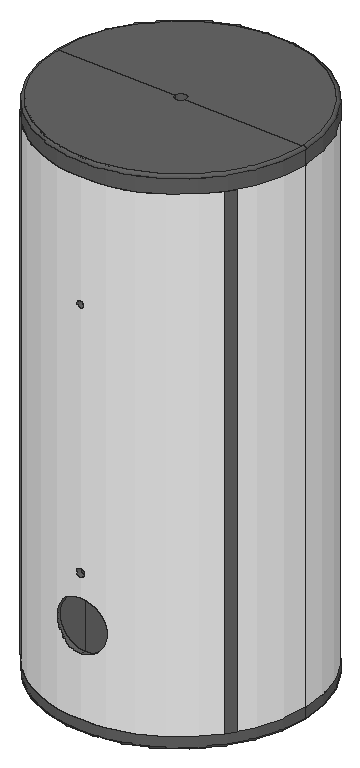
Revit family "HC_Storage Tank_MEPcontent_De Dietrich Thermique_RSB", category Mechanical Equipment, Revit 2018
Family settings
  Round Connector Dimension = Use Diameter
  Part Type = Normal
  OmniClass Number = 23.75.10.34.11
  OmniClass Title = Energy Storage Tanks
  Work Plane-Based = No
  Always vertical = Yes
  Cut with Voids When Loaded = No
  Shared = No
  Room Calculation Point = No
Parameters (values of type "RSB 3000 NV")
  Wholesaler Art. No. = ""
  Wholesaler = ""
  White = Color RAL 9016
  Watermarked By = "www.stabiplan.com"
  Volume = 3000.0 L
  Use Nominal Diameter = yes
  URL = "www.stabiplan.com"
  Top Geometry = E / 30  # 93.333 mm
  Tank Rail Diameter = A * 1.005  # 1407 mm
  Tank Radius = A / 2 - 30 mm  # 670 mm
  Stabu Code = ""
  L = 2875 mm
  Revit Version = "2018"  # constant formula
  Product Line = "De Dietrich Thermique"  # constant formula
  Model = "RSB 3000 NV"
  Manufacturer URL = "http://pro.dedietrich-thermique.fr/fr/produits/gammes_de_produits/installations_solaires/solaire_collectif/ballons_de_stockage_rsb_800_v_1000_v_et_rsb_1500_e_a_3000_e"
  Manufacturer Art. No. = "100017478"
  Manufacturer = "De Dietrich Thermique"  # constant formula
  MEPcontent Class = "STORAGE_TANK_HC"  # constant formula
  Internal Art. No. = ""
  IFCExportType = "NOTDEFINED"  # constant formula
  IFCExportAs = "IfcTankType"  # constant formula
  H = 531 mm
  Grey = Color RAL 9006
  GTIN = "3661238495999"
  Function Code [instance] = ""
  F = 796 mm
  Drain Fixture Units [instance] = 0
  Drain Diameter = 32 mm  # constant formula
  Domestic Hot Water Flow 3 [instance] = 0.0 L/s
  Hydronic Supply Flow [instance] = Hydronic Return Flow  # 0.0 L/s
  Domestic Hot Water Flow 1 [instance] = 0.0 L/s
  Hydronic Return Flow [instance] = 0.0 L/s
  Family Version = "11.14"  # constant formula
  ETIM Article Class = "EC010184"  # constant formula
  EMCS Version = "2.0"  # constant formula
  Hydronic Return Connection Diameter = if(Use Nominal Diameter, 50.8 mm, 60.3 mm)  # 50.8 mm
  Hydronic Supply Connection Diameter = if(Use Nominal Diameter, 50.8 mm, 60.3 mm)  # 50.8 mm
  Secondary Domestic Hot Water Connection Diameter = if(Use Nominal Diameter, 38.1 mm, 48.3 mm)  # 38.1 mm
  Domestic Hot Water Connection Diameter = if(Use Nominal Diameter, 50.8 mm, 60.3 mm)  # 50.8 mm
  Description = "Storage tank"  # constant formula
  DCW Pos = A / 2 + 30 mm  # 730 mm
  D = 2143 mm
  Custom = no
  Copyright = "© Stabiplan International BV"  # constant formula
  Content Supplier URL = "www.MEPcontent.com"
  CB-NL Class = ""
  E = 2800 mm
  C = 1924 mm
  Bottom Geometry = E / 45  # 62.222 mm
  Black = Color RGB 045-045-045
  B = 1725 mm
  A = 1400 mm
  Boiler Sensor Position = 22.50°
  Article Type = "RSB 3000 NV"
  Article Description = "Storage tank"  # constant formula
Types (6, lengths in mm): name | Volume | Top Geometry | Tank Rail Diameter | Tank Radius | L | Model | Manufacturer Art. No. | H | GTIN | F | DCW Pos | D | E | C | Bottom Geometry | B | A | Article Type
  RSB 800 NV | 800.0 L | 60.867 | 1005 | 470 | 1900 | "RSB 800 NV" | "100017469" | 346 | "3661238510180" | 520 | 530 | 1398 | 1826 | 1255 | 40.578 | 1125 | 1000 | "RSB 800 NV"
  RSB 1000 NV | 1000.0 L | 66.667 | 1055.25 | 495 | 2075 | "RSB 1000 NV" | "100017472" | 380 | "3661238495937" | 569 | 555 | 1530 | 2000 | 1374 | 44.444 | 1232 | 1050 | "RSB 1000 NV"
  RSB 1500 NV | 1500.0 L | 70.333 | 1206 | 570 | 2185 | "RSB 1500 NV" | "100017475" | 400 | "3661238495968" | 600 | 630 | 1615 | 2110 | 1450 | 46.889 | 1300 | 1200 | "RSB 1500 NV"
  RSB 2000 NV | 2000.0 L | 68.933 | 1407 | 670 | 2143 | "RSB 2000 NV" | "100017476" | 392 | "3661238495975" | 588 | 730 | 1583 | 2068 | 1421 | 45.956 | 1274 | 1400 | "RSB 2000 NV"
  RSB 2500 NV | 2500.0 L | 85.667 | 1407 | 670 | 2645 | "RSB 2500 NV" | "100017477" | 487 | "3661238495982" | 731 | 730 | 1967 | 2570 | 1766 | 57.111 | 1584 | 1400 | "RSB 2500 NV"
  RSB 3000 NV | 3000.0 L | 93.333 | 1407 | 670 | 2875 | "RSB 3000 NV" | "100017478" | 531 | "3661238495999" | 796 | 730 | 2143 | 2800 | 1924 | 62.222 | 1725 | 1400 | "RSB 3000 NV"
Reference planes
  plane 1 "Center (Front/Back)": y = 0
  plane 2: z = 0
  plane 3 "Center (Left/Right)": x = 0
  plane 4: z = 2875
  plane 5: z = 62.222
  plane 6: z = 2781.667
  plane 7: z = 180
  plane 8: z = 1725
  plane 9: z = 1924
  plane 10: z = 2143
  plane 11: z = 2800
  plane 12: z = 531
  plane 13: z = 796
  plane 14: x = -670
Forms (mm)
  Extrusion 1, solid, material "Color RAL 9016" <- "White", detail levels fine
    sketch origin (0, 0, 0) x (1, 0, 0) y (0, 1, 0)
      loop
        circle (0, 0) r 700
    from 62.222 to 2781.667
  Revolve 2, solid, material "Color RGB 045-045-045" <- "Black", detail levels fine
    sketch origin (0, 0, 0) x (1, 0, 0) y (0, 0, 1)
      loop
        line (-700, 62.222) -> (-700, 5)
        arc (-700, 5) -> (-698.536, 1.464) -> (-695, 0) r 5
        line (-695, 0) -> (0, 0) -> (0, 62.222) -> (-700, 62.222)
      loop
        line (-700, 2781.667) -> (0, 2781.667) -> (0, 2875) -> (-685, 2875)
        arc (-685, 2875) -> (-695.607, 2870.607) -> (-700, 2860) r 15
        line (-700, 2860) -> (-700, 2781.667)
      axis (0, 2875) -> (0, 0)
    angle from 0 to 360
  Extrusion 3, solid, material "Color RGB 045-045-045" <- "Black", detail levels fine
    sketch origin (0, 0, 0) x (0, -1, 0) y (-1, 0, 0)
      loop
        arc (362.835, -602.713) -> (385.004, -588.799) -> (406.639, -574.07) r 703.5
        line (406.639, -574.07) -> (385.03, -548.317)
        arc (385.03, -548.317) -> (364.549, -562.142) -> (343.572, -575.203) r 670
        line (343.572, -575.203) -> (362.835, -602.713)
      loop
        line (366.906, 600.243) -> (343.572, 575.203)
        arc (343.572, 575.203) -> (364.549, 562.142) -> (385.03, 548.317) r 670
        line (385.03, 548.317) -> (408.304, 572.888)
        arc (408.304, 572.888) -> (387.846, 586.931) -> (366.906, 600.243) r 703.5
    from -2781.667 to -62.222
  Revolve 4, void
    sketch origin (0, 0, 0) x (0, 1, 0) y (0, 0, 1)
      loop
        line (730, 210.15) -> (670, 210.15) -> (670, 180) -> (730, 180) -> (730, 210.15)
      axis (730, 180) -> (670, 180)
    angle from 0 to 360
  Revolve 5, void
    sketch origin (0, 0, 0) x (0, 1, 0) y (0, 0, 1)
      loop
        line (-670, 531) -> (-670, 671) -> (-730, 671) -> (-730, 620.848) -> (-725, 620.848) -> (-725, 531) -> (-670, 531)
      axis (-670, 531) -> (-730, 531)
    angle from 0 to 360
  Revolve 6, void
    sketch origin (0, 0, 0) x (0, 1, 0) y (0, 0, 1)
      loop
        line (-670, 820.15) -> (-730, 820.15) -> (-730, 796) -> (-670, 796) -> (-670, 820.15)
      axis (-670, 796) -> (-730, 796)
    angle from 0 to 360
  Revolve 7, void
    sketch origin (0, 0, 0) x (0, 1, 0) y (0, 0, 1)
      loop
        line (-670, 2163) -> (-730, 2163) -> (-730, 2143) -> (-670, 2143) -> (-670, 2163)
      axis (-670, 2143) -> (-730, 2143)
    angle from 0 to 360
  Revolve 8, void
    sketch origin (0, 0, 0) x (0, 1, 0) y (0, 0, 1)
      loop
        line (730, 2173.15) -> (670, 2173.15) -> (670, 2143) -> (730, 2143) -> (730, 2173.15)
      axis (730, 2143) -> (670, 2143)
    angle from 0 to 360
  Revolve 9, void
    sketch origin (0, 0, 0) x (0, 1, 0) y (0, 0, 1)
      loop
        line (730, 1949) -> (670, 1949) -> (670, 1924) -> (730, 1924) -> (730, 1949)
      axis (730, 1924) -> (670, 1924)
    angle from 0 to 360
  Revolve 10, void
    sketch origin (0, 0, 0) x (0, 1, 0) y (0, 0, 1)
      loop
        line (730, 1749.15) -> (670, 1749.15) -> (670, 1725) -> (730, 1725) -> (730, 1749.15)
      axis (730, 1725) -> (670, 1725)
    angle from 0 to 360
  Revolve 11, void
    sketch origin (0, 0, 0) x (1, 0, 0) y (0, 0, 1)
      loop
        line (-30.15, 2875) -> (-30.15, 2800) -> (0, 2800) -> (0, 2875) -> (-30.15, 2875)
      axis (0, 2875) -> (0, 2800)
    angle from 0 to 360
  Extrusion 12, solid, detail levels coarse+medium
    sketch origin (0, 0, 0) x (1, 0, 0) y (0, 1, 0)
      loop
        circle (0, 0) r 700
    from 0 to 2875
  Extrusion 13, void
    sketch origin (0, 0, 0) x (0, 1, 0) y (0, 0, 1)
      loop
        circle (0, 58) r 17
    from -670 to -719.178
  Extrusion 14, solid, not visible
    sketch origin (-670, 534.754, 1200) x (0, 1, 0) y (0, 0, 1)
      loop
        circle (-534.754, -1142) r 16
    from -6.486 to 0
Cuts and joins
  Revolve 4, Revolve 5, Revolve 6, Revolve 7, Revolve 8, Revolve 9, Revolve 10, Revolve 11, Extrusion 13 cuts Extrusion 1
  Revolve 11, Extrusion 13 cuts Revolve 2
  Revolve 4, Revolve 5, Revolve 8, Revolve 9, Revolve 10, Revolve 11, Extrusion 13 cuts Extrusion 12
Dimensions and locks
  "L": plane 4 to plane 2
  "Bottom Geometry": plane 5 to plane 2
  "Top Geometry": plane 4 to plane 6
  locked: plane 7 to plane 2 at 180
  "B": plane 8 to plane 2
  "C": plane 9 to plane 2
  "D": plane 10 to plane 2
  "E": plane 11 to plane 2
  "DCW Pos": Revolve 4 sketch curve to plane 1 "Center (Front/Back)"
  "H": plane 12 to plane 2
  "DCW Pos": plane 1 "Center (Front/Back)" to Revolve 5 sketch curve
  "Tank Radius": plane 1 "Center (Front/Back)" to Revolve 5 sketch curve
  "F": plane 13 to plane 2
  "DCW Pos": plane 1 "Center (Front/Back)" to Revolve 6 sketch curve
  "Tank Radius": plane 1 "Center (Front/Back)" to Revolve 6 sketch curve
  "DCW Pos": plane 1 "Center (Front/Back)" to Revolve 7 sketch curve
  "Tank Radius": plane 1 "Center (Front/Back)" to Revolve 7 sketch curve
  locked: Revolve 7 sketch curve to plane 10 at 20
  "DCW Pos": Revolve 8 sketch curve to plane 1 "Center (Front/Back)"
  "Tank Radius": Revolve 8 sketch curve to plane 1 "Center (Front/Back)"
  "DCW Pos": Revolve 9 sketch curve to plane 1 "Center (Front/Back)"
  "Tank Radius": Revolve 9 sketch curve to plane 1 "Center (Front/Back)"
  "DCW Pos": Revolve 10 sketch curve to plane 1 "Center (Front/Back)"
  "Tank Radius": Revolve 10 sketch curve to plane 1 "Center (Front/Back)"
  "Tank Radius": Revolve 4 sketch curve to plane 1 "Center (Front/Back)"
  Revolve 5 sketch curve to plane 12 = 140 mm
  Extrusion 13 sketch curve to plane 2 = 58 mm
  "Tank Radius": plane 14 to plane 3 "Center (Left/Right)"
  Extrusion 14 sketch curve to plane 2 = 58 mm
  "A": diameter of Extrusion 1 sketch curve
  "Tank Rail Diameter": diameter of Extrusion 3 sketch curve  (x2)
  "Tank Radius": radius of Extrusion 3 sketch curve  (x2)
  "A": diameter of Extrusion 12 sketch curve
  angle Extrusion 3 sketch curve to plane 1 "Center (Front/Back)" = 35.00°
  angle Extrusion 3 sketch curve to plane 1 "Center (Front/Back)" = 40.00°
  aligned and locked: level to plane 2
  aligned and locked: plane 6 to Extrusion 1
  aligned and locked: Extrusion 1 to plane 5
  aligned and locked: Extrusion 1 to Revolve 2 sketch curve
  aligned and locked: plane 2 to Revolve 2 sketch curve
  aligned and locked: Revolve 2 sketch curve to plane 3 "Center (Left/Right)"  (x2)
  aligned and locked: Revolve 2 sketch curve to Extrusion 1  (x3)
  aligned and locked: plane 4 to Revolve 2 sketch curve
  aligned and locked: plane 3 "Center (Left/Right)" to Revolve 2 sketch curve
  aligned and locked: plane 6 to Extrusion 3
  aligned and locked: Extrusion 3 to plane 5
  aligned and locked: plane 7 to Revolve 4 sketch curve  (x2)
  aligned and locked: Revolve 5 sketch curve to plane 12
  aligned and locked: plane 12 to Revolve 5 sketch curve
  aligned and locked: Revolve 6 sketch curve to plane 13
  aligned and locked: plane 13 to Revolve 6 sketch curve
  aligned and locked: Revolve 7 sketch curve to plane 10
  aligned and locked: plane 10 to Revolve 7 sketch curve
  aligned and locked: Revolve 8 sketch curve to plane 10
  aligned and locked: plane 10 to Revolve 8 sketch curve
  aligned and locked: Revolve 9 sketch curve to plane 9
  aligned and locked: plane 9 to Revolve 9 sketch curve
  aligned and locked: Revolve 10 sketch curve to plane 8
  aligned and locked: plane 8 to Revolve 10 sketch curve
  aligned and locked: plane 11 to Revolve 11 sketch curve
  aligned and locked: Revolve 11 sketch curve to plane 3 "Center (Left/Right)"
  aligned and locked: Revolve 11 sketch curve to plane 4
  aligned and locked: plane 4 to cut or joined group of Revolve 4, Revolve 5, Revolve 8, Revolve 9, Revolve 10, Revolve 11, Extrusion 12, Extrusion 13
  aligned and locked: cut or joined group of Revolve 4, Revolve 5, Revolve 8, Revolve 9, Revolve 10, Revolve 11, Extrusion 12, Extrusion 13 to plane 2
  aligned and locked: plane 14 to cut or joined group of Revolve 4, Revolve 5, Revolve 8, Revolve 9, Revolve 10, Revolve 11, Extrusion 12, Extrusion 13
Automatic sketch dimensions
  plane 1 "Center (Front/Back)" to Extrusion 1 sketch curve = 0 mm
  Extrusion 1 sketch curve to plane 3 "Center (Left/Right)" = 0 mm
  Revolve 2 sketch curve to Revolve 2 sketch curve = 5 mm
  Revolve 2 sketch curve to Revolve 2 sketch curve = 15 mm
  Revolve 2 sketch curve to level = 159.422 mm
  Revolve 2 sketch curve to Revolve 2 sketch curve = 60 mm
  plane 7 to Revolve 4 sketch curve = 30.15 mm
  Revolve 4 sketch curve to Revolve 4 sketch curve = 150 mm
  Revolve 4 sketch curve to Revolve 4 sketch curve = 20 mm
  Revolve 5 sketch curve to Revolve 5 sketch curve = 104 mm
  Revolve 5 sketch curve to Revolve 5 sketch curve = 5 mm
  Revolve 5 sketch curve to Revolve 5 sketch curve = 30 mm
  Revolve 5 sketch curve to Revolve 5 sketch curve = 50.152 mm
  Revolve 6 sketch curve to Revolve 6 sketch curve = 24.15 mm
  Revolve 6 sketch curve to Revolve 6 sketch curve = 89 mm
  Revolve 6 sketch curve to Revolve 6 sketch curve = 70 mm
  Revolve 7 sketch curve to Revolve 7 sketch curve = 89.224 mm
  Revolve 7 sketch curve to Revolve 7 sketch curve = 75 mm
  plane 10 to Revolve 8 sketch curve = 30.15 mm
  Revolve 8 sketch curve to Revolve 8 sketch curve = 164.702 mm
  Revolve 8 sketch curve to Revolve 8 sketch curve = 160 mm
  Revolve 9 sketch curve to Revolve 9 sketch curve = 25 mm  (x2)
  Revolve 9 sketch curve to Revolve 9 sketch curve = 54 mm
  plane 8 to Revolve 10 sketch curve = 24.15 mm
  Revolve 10 sketch curve to Revolve 10 sketch curve = 132.07 mm
  Revolve 10 sketch curve to Revolve 10 sketch curve = 50 mm
  Revolve 11 sketch curve to plane 3 "Center (Left/Right)" = 0 mm
  Revolve 11 sketch curve to plane 3 "Center (Left/Right)" = 30.15 mm
  Revolve 11 sketch curve to Revolve 11 sketch curve = 56.259 mm
  plane 4 to Revolve 11 sketch curve = 109.741 mm
  plane 1 "Center (Front/Back)" to Extrusion 12 sketch curve = 0 mm
  Extrusion 12 sketch curve to plane 3 "Center (Left/Right)" = 0 mm
  Extrusion 13 sketch curve to plane 1 "Center (Front/Back)" = 0 mm
  Extrusion 3 sketch curve to Extrusion 3 sketch curve = 0 mm  (x6)
  plane 1 "Center (Front/Back)" to Extrusion 3 sketch curve = 0 mm
  Extrusion 3 sketch curve to plane 3 "Center (Left/Right)" = 0 mm
  plane 1 "Center (Front/Back)" to Extrusion 3 sketch curve = 343.572 mm
  plane 1 "Center (Front/Back)" to Extrusion 3 sketch curve = 385.03 mm
  Extrusion 3 sketch curve to Extrusion 3 sketch curve = 41.457 mm  (x2)
  Extrusion 3 sketch curve to Extrusion 3 sketch curve = 23.334 mm
  Extrusion 3 sketch curve to Extrusion 3 sketch curve = 41.398 mm
  Extrusion 14 sketch curve to plane 1 "Center (Front/Back)" = 0 mm
  Extrusion 14 sketch curve to Extrusion 14 sketch curve = 16 mm
  radius of Extrusion 13 sketch curve = 17 mm
Connectors
  piping at (0, 0, 2800), diameter 50.8, driven by "Domestic Hot Water Flow 1", driven by "Domestic Hot Water Connection Diameter"
    settings: on cut or joined group 1 (Extrusion 1, Revolve 4, Revolve 5, Revolve 6, Revolve 7, Revolve 8, Revolve 9, Revolve 10, Revolve 11, Extrusion 13), index 1, connector inside diameter 609.6 mm, connector length 0 mm, flow factor 0, pipe flow 0.0 L/s, pressure drop 0.0 Pa, fitting loss kfactor 0, connector angle 0.00°, fixture units 0, engagement length 0 mm, angle of deflection 0.00°, flow configuration 0, flow direction 0, fitting loss method 0, system type 19, joint type 0, gender type 0, connector reference index -1, connector utility 0, adjustable connector no, is connector primary yes, connector description "Domestic Hot Water"
  piping at (0, 670, 2143), diameter 50.8, driven by "Hydronic Supply Flow", driven by "Hydronic Supply Connection Diameter"
    settings: on cut or joined group 1, index 2, connector inside diameter 609.6 mm, connector length 0 mm, flow factor 0, pipe flow 0.0 L/s, pressure drop 0.0 Pa, fitting loss kfactor 0, connector angle 0.00°, fixture units 0, engagement length 0 mm, angle of deflection 0.00°, flow configuration 0, flow direction 1, fitting loss method 0, system type 7, joint type 0, gender type 0, connector reference index -1, connector utility 0, adjustable connector no, is connector primary no, connector description "Hydronic Supply"
  piping at (0, 670, 180), diameter 50.8, driven by "Hydronic Return Flow", driven by "Hydronic Return Connection Diameter"
    settings: on cut or joined group 1, index 3, connector inside diameter 609.6 mm, connector length 0 mm, flow factor 0, pipe flow 0.0 L/s, pressure drop 0.0 Pa, fitting loss kfactor 0, connector angle 0.00°, fixture units 0, engagement length 0 mm, angle of deflection 0.00°, flow configuration 1, flow direction 2, fitting loss method 0, system type 8, joint type 0, gender type 0, connector reference index -1, connector utility 0, adjustable connector no, is connector primary no, connector description "Hydronic Return"
  piping at (0, 670, 1725), diameter 38.1, driven by "Domestic Hot Water Flow 3", driven by "Secondary Domestic Hot Water Connection Diameter"
    settings: on cut or joined group 1, index 4, connector inside diameter 609.6 mm, connector length 0 mm, flow factor 0, pipe flow 0.0 L/s, pressure drop 0.0 Pa, fitting loss kfactor 0, connector angle 0.00°, fixture units 0, engagement length 0 mm, angle of deflection 0.00°, flow configuration 1, flow direction 0, fitting loss method 0, system type 19, joint type 0, gender type 0, connector reference index -1, connector utility 0, adjustable connector no, is connector primary no, connector description "Domestic Hot Water"
  electrical at (0, 670, 1924)
    settings: on cut or joined group 1, index 8, voltage 0 V, apparent load 0 VA, apparent load phase1 0 VA, apparent load phase2 0 VA, apparent load phase3 0 VA, power factor 1, load classification "Other", number of poles 1, system type 14, power factor state 1, is connector primary yes, connector utility no, sub classification motor no, connector description "Sensor"
  piping at (-676.486, 0, 58), diameter 32, driven by "Drain Fixture Units", driven by "Drain Diameter"
    settings: on Extrusion 14, index 9, connector inside diameter 609.6 mm, connector length 0 mm, flow factor 0, pipe flow 0.0 L/s, pressure drop 0.0 Pa, fitting loss kfactor 0, connector angle 0.00°, fixture units 0, engagement length 0 mm, angle of deflection 0.00°, flow configuration 3, flow direction 2, fitting loss method 0, system type 16, joint type 0, gender type 0, connector reference index -1, connector utility 0, adjustable connector no, is connector primary no, connector description "Drain"
